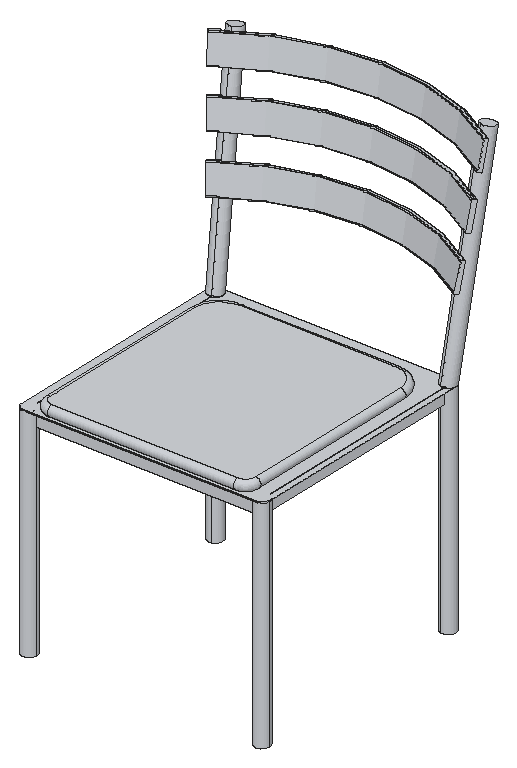
Revit family "Cadeira material", category Mobiliário, Revit 2015
Reference planes (cm)
  plane 1 "Centro (Frente/Trás)": y = 0
  plane 2: z = 0
  plane 3 "Centro (Esquerda/Direita)": x = 0
  plane 4 "Dir": x = 23.75
  plane 5 "Esq": x = -23.75
  plane 6: y = 23.75
  plane 7: y = -23.75
  plane 8 "Assento": z = 45
  plane 9: z = 90
  plane 10: z = 41.85
  plane 11 "Espaldar": through (0, 23.75, 45) normal (0, 0.9848, -0.1736)
  plane 12: y = 31.6847
  plane 13: through (-23.75, 23.75, 120) normal (-0.6428, -0.766, 0)
  plane 14: through (23.75, 23.75, 120) normal (-0.6428, 0.766, 0)
  plane 15: z = 44.85
Forms (cm)
  Extrusion 1, solid
    sketch origin (0, 0, 0) x (1, 0, 0) y (0, 1, 0)
      loop
        circle (-23.75, -23.75) r 1.5
      loop
        circle (23.75, -23.75) r 1.5
    from 0 to 44.85
  Sweep 2, solid
    path origin (-17.603, 0.8093, 0) x (-0.258819, 0.965926, 0) y (0, 0, -1)
      loop
        line (23.75, 0) -> (23.75, -45) -> (31.6847, -90)
    profile origin (-23.75, 23.75, 22.5) x (-0.258819, 0.965926, 0) y (-0.965926, -0.258819, 0)
      loop
        circle (0, 0) r 1.5
  Sweep 3, solid
    path origin (17.603, 0.8093, 0) x (0.258819, 0.965926, 0) y (0, 0, 1)
      loop
        line (23.75, 0) -> (23.75, 45) -> (31.6847, 90)
    profile origin (23.75, 23.75, 22.5) x (-0.258819, -0.965926, 0) y (0.965926, -0.258819, 0)
      loop
        circle (0, 0) r 1.5
  Extrusion 4, solid
    sketch origin (0, 0, 45) x (-1, 0, 0) y (0, -1, 0)
      loop
        arc (25.25, 23.75) -> (24.8107, 24.8107) -> (23.75, 25.25) r 1.5
        line (23.75, 25.25) -> (-23.75, 25.25)
        arc (-23.75, 25.25) -> (-24.8107, 24.8107) -> (-25.25, 23.75) r 1.5
        line (-25.25, 23.75) -> (-25.25, -23.75)
        arc (-25.25, -23.75) -> (-24.8107, -24.8107) -> (-23.75, -25.25) r 1.5
        line (-23.75, -25.25) -> (23.75, -25.25)
        arc (23.75, -25.25) -> (24.8107, -24.8107) -> (25.25, -23.75) r 1.5
        line (25.25, -23.75) -> (25.25, 23.75)
    from -0.15 to 0
  Sweep 5, solid
    path origin (0, 0, 45) x (-1, 0, 0) y (0, -1, 0)
      loop
        line (23.75, -23.75) -> (23.75, 23.75) -> (-23.75, 23.75) -> (-23.75, -23.75) -> (23.75, -23.75)
    profile origin (0, 23.75, 45) x (0, 1, 0) y (0, 0, 1)
      loop
        line (0.25, -0.15) -> (-0.25, -0.15) -> (-0.25, -3.15) -> (0.25, -3.15) -> (0.25, -0.15)
  Sweep 6, solid
    path in 3D
      loop
        arc (-28.6143, 27.8316, 90) -> (0, 36.9854, 90) -> (28.6143, 27.8316, 90) r 49.3
    profile origin (0, 36.9854, 90) x (0, 1, 0) y (0, 0, 1)
      loop
        line (-1.0072, -6.2413) -> (0, -0.5294)
        arc (0, -0.5294) -> (-0.0166, -0.4546) -> (-0.0811, -0.4135) r 0.1
        line (-0.0811, -0.4135) -> (-0.672, -0.3093)
        arc (-0.672, -0.3093) -> (-0.7467, -0.3259) -> (-0.7878, -0.3904) r 0.1
        line (-0.7878, -0.3904) -> (-1.795, -6.1023)
        arc (-1.795, -6.1023) -> (-1.7784, -6.1771) -> (-1.7139, -6.2182) r 0.1
        line (-1.7139, -6.2182) -> (-1.123, -6.3224)
        arc (-1.123, -6.3224) -> (-1.0483, -6.3058) -> (-1.0072, -6.2413) r 0.1
      loop
        line (-2.9173, -17.0741) -> (-1.9101, -11.3623)
        arc (-1.9101, -11.3623) -> (-1.9267, -11.2875) -> (-1.9912, -11.2464) r 0.1
        line (-1.9912, -11.2464) -> (-2.5821, -11.1422)
        arc (-2.5821, -11.1422) -> (-2.6569, -11.1588) -> (-2.698, -11.2233) r 0.1
        line (-2.698, -11.2233) -> (-3.7051, -16.9352)
        arc (-3.7051, -16.9352) -> (-3.6886, -17.0099) -> (-3.624, -17.0511) r 0.1
        line (-3.624, -17.0511) -> (-3.0331, -17.1553)
        arc (-3.0331, -17.1553) -> (-2.9584, -17.1387) -> (-2.9173, -17.0741) r 0.1
      loop
        line (-4.8274, -27.907) -> (-3.8203, -22.1951)
        arc (-3.8203, -22.1951) -> (-3.8368, -22.1204) -> (-3.9014, -22.0793) r 0.1
        line (-3.9014, -22.0793) -> (-4.4923, -21.9751)
        arc (-4.4923, -21.9751) -> (-4.567, -21.9917) -> (-4.6081, -22.0562) r 0.1
        line (-4.6081, -22.0562) -> (-5.6153, -27.7681)
        arc (-5.6153, -27.7681) -> (-5.5987, -27.8428) -> (-5.5341, -27.8839) r 0.1
        line (-5.5341, -27.8839) -> (-4.9433, -27.9881)
        arc (-4.9433, -27.9881) -> (-4.8685, -27.9716) -> (-4.8274, -27.907) r 0.1
  Extrusion 7, solid
    sketch origin (0, 0, 45) x (-1, 0, 0) y (0, -1, 0)
      loop
        arc (16, -20) -> (19.5355, -18.5355) -> (21, -15) r 5
        line (21, -15) -> (21, 22)
        arc (21, 22) -> (20.4142, 23.4142) -> (19, 24) r 2
        line (19, 24) -> (-19, 24)
        arc (-19, 24) -> (-20.4142, 23.4142) -> (-21, 22) r 2
        line (-21, 22) -> (-21, -15)
        arc (-21, -15) -> (-19.5355, -18.5355) -> (-16, -20) r 5
        line (-16, -20) -> (16, -20)
    from 0 to 2
  Sweep 8, solid
    path in 3D
      loop
        arc (-21, -22, 47) -> (-20.4142, -23.4142, 47) -> (-19, -24, 47) r 2
        line (-19, -24, 47) -> (19, -24, 47)
        arc (19, -24, 47) -> (20.4142, -23.4142, 47) -> (21, -22, 47) r 2
        line (21, -22, 47) -> (21, 15, 47)
        arc (21, 15, 47) -> (19.5355, 18.5355, 47) -> (16, 20, 47) r 5
        line (16, 20, 47) -> (-16, 20, 47)
        arc (-16, 20, 47) -> (-19.5355, 18.5355, 47) -> (-21, 15, 47) r 5
        line (-21, 15, 47) -> (-21, -22, 47)
    profile origin (-21, -3.5, 47) x (1, 0, 0) y (0, 0, 1)
      loop
        arc (0, 0) -> (-1, -1) -> (0, -2) r 1
        line (0, -2) -> (0, 0)
Cuts and joins
  joined: Extrusion 1, Sweep 2, Sweep 3, Sweep 5
  joined: Extrusion 7, Sweep 8
Lines and regions (cm)
  reference lines
    curve 1: arc (-28.6143, 27.8316, 90) -> (0, 36.9854, 90) -> (28.6143, 27.8316, 90) r 49.3
  sketch lines
    curve 2: arc (-28.6143, 27.8316, 90) -> (0, 36.9854, 90) -> (28.6143, 27.8316, 90) r 49.3
    curve 3: line (-21, 15, 47) -> (-21, -22, 47)
    curve 4: arc (-21, 15, 47) -> (-19.5355, 18.5355, 47) -> (-16, 20, 47) r 5
    curve 5: line (16, 20, 47) -> (-16, 20, 47)
    curve 6: arc (16, 20, 47) -> (19.5355, 18.5355, 47) -> (21, 15, 47) r 5
    curve 7: line (21, -22, 47) -> (21, 15, 47)
    curve 8: arc (21, -22, 47) -> (20.4142, -23.4142, 47) -> (19, -24, 47) r 2
    curve 9: line (-19, -24, 47) -> (19, -24, 47)
    curve 10: arc (-19, -24, 47) -> (-20.4142, -23.4142, 47) -> (-21, -22, 47) r 2
Dimensions and locks (cm)
  equal spacing: plane 5 "Esq", plane 3 "Centro (Esquerda/Direita)", plane 4 "Dir"
  plane 5 "Esq" to plane 4 "Dir" = 47.5 cm
  plane 6 to plane 7 = 47.5 cm
  equal spacing: plane 6, plane 1 "Centro (Frente/Trás)", plane 7
  locked: plane 8 "Assento" to plane 2 at 45
  plane 15 to plane 10 = 3 cm
  plane 9 to plane 8 "Assento" = 45 cm
  angle plane 6 to plane 11 "Espaldar" = 10.00°
  aligned and locked: level to plane 2
  aligned and locked: Extrusion 1 to level
  aligned and locked: plane 9 to Sweep 2 sketch curve
  aligned and locked: level to Sweep 2 sketch curve
  aligned and locked: plane 13 to curve 1
  aligned and locked: plane 14 to curve 1
  aligned and locked: plane 8 "Assento" to Extrusion 4
  aligned and locked: Extrusion 1 to Extrusion 4
  aligned and locked: Sweep 5 sketch curve to plane 6
  aligned and locked: Sweep 5 sketch curve to plane 5 "Esq"
  aligned and locked: Sweep 5 sketch curve to plane 7
  aligned and locked: Sweep 5 sketch curve to plane 4 "Dir"
  aligned and locked: plane 10 to Sweep 5 sketch curve
  aligned and locked: plane 15 to Sweep 5 sketch curve
  aligned and locked: Extrusion 7 to plane 8 "Assento"
Automatic sketch dimensions
  Extrusion 1 sketch curve to plane 5 "Esq" = 0 cm
  Extrusion 1 sketch curve to plane 4 "Dir" = 0 cm
  plane 7 to Extrusion 1 sketch curve = 0 cm  (x2)
  Sweep 2 sketch curve to plane 8 "Assento" = 0 cm
  Sweep 2 sketch curve to Sweep 2 sketch curve = 7.9347 cm
  profile plane to Sweep 2 sketch curve = 0 cm  (x2)
  Sweep 3 sketch curve to plane 8 "Assento" = 0 cm
  Sweep 3 sketch curve to level = 0 cm
  Sweep 3 sketch curve to plane 9 = 0 cm
  Sweep 3 sketch curve to Sweep 3 sketch curve = 7.9347 cm
  Sweep 3 sketch curve to profile plane = 0 cm
  profile plane to Sweep 3 sketch curve = 0 cm
  curve 1 to plane 3 "Centro (Esquerda/Direita)" = 0 cm
  curve 1 to plane 7 = 11.4354 cm
  plane 12 to curve 1 = 3.8531 cm
  plane 7 to Extrusion 4 sketch curve = 0 cm  (x2)
  Extrusion 4 sketch curve to plane 4 "Dir" = 0 cm  (x2)
  plane 7 to Extrusion 4 sketch curve = 1.5 cm
  Extrusion 4 sketch curve to plane 5 "Esq" = 0 cm  (x2)
  Extrusion 4 sketch curve to plane 6 = 0 cm
  profile plane to Sweep 5 sketch curve = 0.25 cm
  Sweep 5 sketch curve to profile plane = 0.25 cm
  profile plane to Sweep 6 sketch curve = 5.6153 cm
  Sweep 6 sketch curve to Sweep 6 sketch curve = 0.0811 cm  (x5)
  Sweep 6 sketch curve to Sweep 6 sketch curve = 0.0985 cm  (x14)
  Sweep 6 sketch curve to Sweep 6 sketch curve = 0.5909 cm  (x6)
  Sweep 6 sketch curve to Sweep 6 sketch curve = 0.0174 cm  (x15)
  Sweep 6 sketch curve to Sweep 6 sketch curve = 1.0072 cm  (x3)
  Sweep 6 sketch curve to Sweep 6 sketch curve = 0.7871 cm  (x2)
  Sweep 6 sketch curve to profile plane = 0.3904 cm
  Sweep 6 sketch curve to profile plane = 0.3093 cm
  Sweep 6 sketch curve to profile plane = 0.4135 cm
  Sweep 6 sketch curve to profile plane = 0.5294 cm
  Sweep 6 sketch curve to Sweep 6 sketch curve = 5.7119 cm  (x3)
  Sweep 6 sketch curve to Sweep 6 sketch curve = 0.1042 cm  (x5)
  Sweep 6 sketch curve to Sweep 6 sketch curve = 4.924 cm  (x2)
  Extrusion 7 sketch curve to plane 4 "Dir" = 2.75 cm
  Extrusion 7 sketch curve to Extrusion 7 sketch curve = 5 cm
  Extrusion 7 sketch curve to plane 5 "Esq" = 7.75 cm
  plane 7 to Extrusion 7 sketch curve = 0.25 cm
  Extrusion 7 sketch curve to plane 5 "Esq" = 4.75 cm
  Extrusion 7 sketch curve to plane 7 = 1.75 cm  (x2)
  Extrusion 7 sketch curve to plane 6 = 8.75 cm
  profile plane to Sweep 8 sketch curve = 0 cm
  Sweep 8 sketch curve to profile plane = 0 cm
  Sweep 8 sketch curve to profile plane = 1 cm
  radius of Extrusion 1 sketch curve = 1.5 cm  (x2)
  radius of Sweep 2 sketch curve = 1.5 cm
  radius of Sweep 3 sketch curve = 1.5 cm
